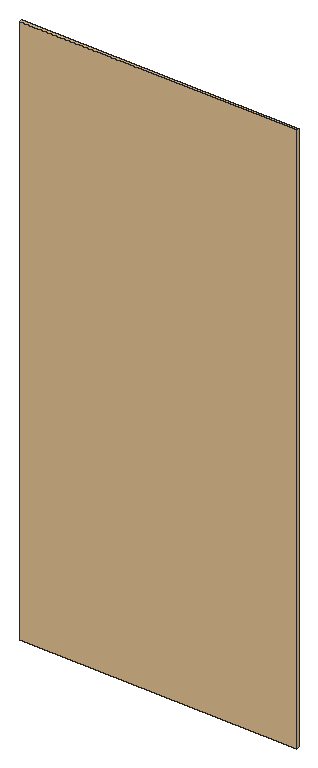
Revit family "Feature Blackbutt Veneer Honeycomb", category Generic Models, Revit 2017 (continued)
Automatic sketch dimensions
  level to curve 520 = 123.626 mm
  curve 519 to curve 520 = 41.559 mm
  curve 501 to curve 571 = 41.559 mm
  curve 515 to curve 516 = 41.559 mm
  curve 499 to curve 570 = 41.559 mm
  curve 509 to curve 575 = 41.559 mm
  curve 497 to curve 569 = 41.559 mm
  curve 495 to curve 568 = 41.559 mm
  curve 493 to curve 567 = 41.559 mm
  curve 491 to curve 566 = 41.559 mm
  curve 507 to curve 508 = 41.559 mm
  plane 4 "Panel_top" to curve 484 = 51.176 mm
  curve 484 to curve 484 = 34.403 mm
  curve 513 to curve 512 = 41.559 mm
  curve 515 to curve 514 = 41.559 mm
  curve 519 to curve 518 = 41.559 mm
  curve 488 to curve 564 = 58.434 mm
  curve 516 to curve 528 = 58.434 mm
  curve 490 to curve 554 = 58.435 mm
  curve 492 to curve 552 = 58.434 mm
  curve 518 to curve 527 = 58.433 mm
  curve 498 to curve 569 = 58.434 mm
  curve 502 to curve 571 = 58.434 mm
  level to curve 525 = 123.626 mm
  curve 520 to curve 525 = 58.434 mm
  curve 510 to curve 534 = 58.434 mm
  curve 514 to curve 530 = 58.433 mm
  curve 500 to curve 570 = 58.434 mm
  curve 494 to curve 551 = 58.434 mm
  curve 504 to curve 572 = 58.434 mm
  curve 508 to curve 536 = 58.434 mm
  curve 506 to curve 573 = 58.434 mm
  curve 496 to curve 568 = 58.434 mm
  curve 512 to curve 532 = 58.433 mm
  curve 486 to curve 558 = 58.435 mm
  plane 4 "Panel_top" to curve 560 = 51.176 mm
  curve 484 to curve 560 = 58.433 mm
  curve 560 to curve 561 = 34.408 mm
  curve 558 to curve 558 = 41.558 mm
  curve 550 to curve 470 = 41.559 mm
  curve 528 to curve 481 = 41.559 mm
  curve 544 to curve 544 = 41.559 mm
  curve 530 to curve 532 = 41.559 mm
  curve 532 to curve 533 = 41.559 mm
  curve 534 to curve 535 = 41.559 mm
  curve 536 to curve 537 = 41.559 mm
  curve 538 to curve 539 = 41.559 mm
  curve 540 to curve 541 = 41.559 mm
  curve 528 to curve 530 = 41.559 mm
  curve 546 to curve 547 = 41.559 mm
  curve 554 to curve 555 = 41.559 mm
  plane 4 "Panel_top" to curve 559 = 112.988 mm
  curve 558 to curve 559 = 41.559 mm
  level to curve 523 = 61.815 mm
  curve 524 to curve 523 = 41.56 mm
  curve 546 to curve 472 = 41.56 mm
  curve 552 to curve 551 = 41.56 mm
  curve 526 to curve 482 = 41.56 mm
  curve 554 to curve 553 = 41.561 mm
  level to curve 418 = 61.814 mm
  curve 483 to curve 418 = 58.431 mm
  curve 473 to curve 473 = 58.433 mm
  curve 472 to curve 472 = 58.431 mm
  curve 539 to curve 475 = 58.432 mm
  curve 547 to curve 471 = 58.432 mm
  curve 537 to curve 476 = 58.432 mm
  curve 470 to curve 470 = 58.433 mm
  curve 482 to curve 482 = 58.431 mm
  curve 469 to curve 469 = 58.431 mm
  curve 468 to curve 468 = 58.431 mm
  curve 481 to curve 481 = 58.433 mm
  curve 533 to curve 478 = 58.432 mm
  curve 559 to curve 465 = 58.432 mm
  curve 541 to curve 474 = 58.432 mm
  curve 529 to curve 412 = 58.432 mm
  curve 466 to curve 372 = 58.434 mm
  curve 555 to curve 374 = 58.432 mm
  curve 531 to curve 410 = 58.432 mm
  curve 535 to curve 405 = 58.432 mm
  curve 561 to curve 368 = 72.734 mm
  curve 380 to curve 391 = 41.559 mm
  curve 415 to curve 464 = 41.559 mm
  curve 396 to curve 397 = 41.559 mm
  curve 411 to curve 412 = 41.559 mm
  plane 4 "Panel_top" to curve 368 = 51.176 mm
  curve 368 to curve 368 = 34.408 mm
  curve 413 to curve 414 = 41.559 mm
  curve 409 to curve 410 = 41.559 mm
  curve 384 to curve 393 = 41.559 mm
  curve 384 to curve 384 = 41.559 mm
  curve 396 to curve 395 = 41.559 mm
  plane 4 "Panel_top" to curve 371 = 174.799 mm
  curve 372 to curve 371 = 41.559 mm
  curve 398 to curve 402 = 41.559 mm
  curve 380 to curve 380 = 41.559 mm
  curve 374 to curve 373 = 41.559 mm
  curve 405 to curve 404 = 41.559 mm
  curve 407 to curve 406 = 41.559 mm
  curve 409 to curve 408 = 41.559 mm
  curve 376 to curve 375 = 41.559 mm
  curve 469 to curve 378 = 41.559 mm
  curve 373 to curve 387 = 58.433 mm
  curve 395 to curve 438 = 58.433 mm
  curve 381 to curve 444 = 58.434 mm
  curve 397 to curve 437 = 58.434 mm
  plane 4 "Panel_top" to curve 456 = 51.176 mm
  curve 368 to curve 456 = 58.434 mm
  curve 406 to curve 459 = 58.433 mm
  level to curve 420 = 123.624 mm
  curve 416 to curve 420 = 58.434 mm
  curve 379 to curve 446 = 58.433 mm
  level to curve 422 = 247.246 mm
  curve 414 to curve 422 = 58.434 mm
  curve 412 to curve 424 = 58.434 mm
  curve 408 to curve 460 = 58.433 mm
  curve 402 to curve 402 = 58.433 mm
  curve 377 to curve 448 = 58.433 mm
  curve 383 to curve 443 = 58.433 mm
  curve 410 to curve 427 = 58.434 mm
  curve 375 to curve 450 = 58.433 mm
  curve 404 to curve 432 = 58.433 mm
  curve 393 to curve 393 = 58.433 mm
  plane 4 "Panel_top" to curve 455 = 174.799 mm
  curve 371 to curve 455 = 58.434 mm
  curve 369 to curve 457 = 34.409 mm
  plane 4 "Panel_top" to curve 454 = 236.609 mm
  curve 386 to curve 454 = 41.558 mm
  curve 450 to curve 450 = 41.558 mm
  curve 390 to curve 354 = 41.559 mm
  curve 393 to curve 357 = 41.559 mm
  plane 4 "Panel_top" to curve 456 = 112.987 mm
  curve 369 to curve 456 = 41.559 mm
  curve 392 to curve 444 = 41.559 mm
  curve 450 to curve 451 = 41.559 mm
  curve 401 to curve 438 = 41.559 mm
  curve 422 to curve 423 = 41.559 mm
  curve 428 to curve 429 = 41.559 mm
  curve 430 to curve 431 = 41.559 mm
  curve 432 to curve 433 = 41.559 mm
  curve 402 to curve 435 = 41.559 mm
  curve 426 to curve 425 = 41.56 mm
  level to curve 419 = 61.814 mm
  curve 420 to curve 419 = 41.56 mm
  level to curve 421 = 185.436 mm
  curve 422 to curve 421 = 41.56 mm
  curve 392 to curve 441 = 41.56 mm
  curve 389 to curve 353 = 41.56 mm
  curve 428 to curve 363 = 41.56 mm
  level to curve 322 = 61.814 mm
  curve 367 to curve 322 = 58.431 mm
  curve 433 to curve 360 = 58.432 mm
  plane 4 "Panel_top" to curve 287 = 112.987 mm
  curve 349 to curve 287 = 58.433 mm
  curve 429 to curve 362 = 58.432 mm
  plane 4 "Panel_top" to curve 288 = 236.611 mm
  curve 350 to curve 288 = 58.434 mm
  curve 363 to curve 363 = 58.431 mm
  curve 435 to curve 359 = 58.432 mm
  curve 437 to curve 358 = 58.432 mm
  curve 423 to curve 365 = 58.432 mm
  curve 366 to curve 366 = 58.431 mm
  curve 357 to curve 357 = 58.433 mm
  curve 356 to curve 356 = 58.431 mm
  curve 451 to curve 290 = 58.432 mm
  curve 443 to curve 355 = 58.432 mm
  curve 352 to curve 293 = 58.434 mm
  curve 354 to curve 354 = 58.433 mm
  curve 353 to curve 294 = 58.431 mm
  curve 431 to curve 310 = 58.432 mm
  curve 364 to curve 316 = 58.432 mm
  curve 457 to curve 285 = 72.733 mm
  curve 290 to curve 333 = 41.558 mm
  curve 288 to curve 332 = 41.558 mm
  curve 310 to curve 343 = 41.559 mm
  curve 294 to curve 295 = 41.559 mm
  curve 304 to curve 340 = 41.559 mm
  curve 296 to curve 297 = 41.559 mm
  curve 302 to curve 339 = 41.559 mm
  curve 316 to curve 346 = 41.559 mm
  curve 300 to curve 301 = 41.559 mm
  plane 4 "Panel_top" to curve 285 = 51.176 mm
  curve 285 to curve 285 = 34.409 mm
  curve 314 to curve 314 = 41.559 mm
  curve 316 to curve 315 = 41.559 mm
  curve 310 to curve 310 = 41.559 mm
  curve 308 to curve 308 = 41.559 mm
  plane 4 "Panel_top" to curve 287 = 174.8 mm
  curve 288 to curve 287 = 41.559 mm
  level to curve 319 = 247.246 mm
  curve 320 to curve 319 = 41.559 mm
  level to curve 321 = 123.623 mm
  curve 322 to curve 321 = 41.56 mm
  curve 300 to curve 300 = 41.559 mm
  curve 294 to curve 294 = 41.559 mm
  curve 307 to curve 341 = 58.433 mm
  level to curve 327 = 247.246 mm
  curve 319 to curve 327 = 58.433 mm
  curve 311 to curve 343 = 58.434 mm
  curve 305 to curve 340 = 58.434 mm
  curve 313 to curve 344 = 58.433 mm
  curve 303 to curve 339 = 58.434 mm
  curve 291 to curve 242 = 58.435 mm
  plane 4 "Panel_top" to curve 235 = 174.8 mm
  curve 287 to curve 235 = 58.433 mm
  curve 301 to curve 338 = 58.434 mm
  plane 4 "Panel_top" to curve 234 = 51.176 mm
  curve 285 to curve 234 = 58.434 mm
  plane 4 "Panel_top" to curve 238 = 298.422 mm
  curve 289 to curve 238 = 58.435 mm
  curve 299 to curve 337 = 58.433 mm
  curve 317 to curve 346 = 58.434 mm
  level to curve 325 = 123.623 mm
  curve 321 to curve 325 = 58.433 mm
  curve 297 to curve 336 = 58.434 mm
  curve 295 to curve 335 = 58.434 mm
  curve 293 to curve 334 = 58.433 mm
  curve 315 to curve 278 = 58.433 mm
  curve 309 to curve 263 = 58.433 mm
  curve 233 to curve 233 = 34.409 mm
  curve 275 to curve 281 = 41.559 mm
  curve 253 to curve 254 = 41.559 mm
  curve 251 to curve 252 = 41.559 mm
  curve 263 to curve 264 = 41.559 mm
  level to curve 328 = 309.058 mm
  curve 279 to curve 328 = 41.559 mm
  plane 4 "Panel_top" to curve 236 = 236.611 mm
  curve 237 to curve 236 = 41.559 mm
  curve 263 to curve 263 = 41.559 mm
  plane 4 "Panel_top" to curve 235 = 112.989 mm
  curve 235 to curve 235 = 41.559 mm
  curve 261 to curve 261 = 41.559 mm
  curve 265 to curve 274 = 41.559 mm
  curve 259 to curve 259 = 41.559 mm
  curve 257 to curve 257 = 41.559 mm
  curve 279 to curve 278 = 41.559 mm
  curve 246 to curve 251 = 41.559 mm
  curve 237 to curve 241 = 41.559 mm
  curve 246 to curve 246 = 41.559 mm
  curve 244 to curve 243 = 41.559 mm
  curve 327 to curve 283 = 41.56 mm
  curve 325 to curve 284 = 41.56 mm
  level to curve 173 = 61.813 mm
  curve 284 to curve 173 = 58.431 mm
  curve 245 to curve 249 = 58.432 mm
  curve 250 to curve 147 = 58.432 mm
  curve 234 to curve 239 = 58.432 mm
  curve 276 to curve 281 = 58.433 mm
  curve 243 to curve 248 = 58.432 mm
  curve 274 to curve 274 = 58.432 mm
  curve 262 to curve 272 = 58.432 mm
  curve 252 to curve 267 = 58.433 mm
  curve 254 to curve 268 = 58.433 mm
  curve 260 to curve 271 = 58.432 mm
  curve 256 to curve 269 = 58.432 mm
  curve 328 to curve 329 = 58.432 mm
  curve 258 to curve 270 = 58.432 mm
  curve 283 to curve 283 = 58.431 mm
  curve 264 to curve 161 = 58.433 mm
  plane 4 "Panel_top" to curve 141 = 360.233 mm
  curve 241 to curve 141 = 58.432 mm
  curve 278 to curve 167 = 58.432 mm
  curve 236 to curve 240 = 58.433 mm
  curve 233 to curve 136 = 72.732 mm
  curve 149 to curve 150 = 41.559 mm
  curve 143 to curve 144 = 41.559 mm
  level to curve 168 = 370.869 mm
  curve 167 to curve 168 = 41.559 mm
  curve 155 to curve 224 = 41.559 mm
  curve 161 to curve 227 = 41.559 mm
  curve 159 to curve 158 = 41.559 mm
  plane 4 "Panel_top" to curve 140 = 298.423 mm
  curve 141 to curve 140 = 41.559 mm
  curve 161 to curve 160 = 41.559 mm
  plane 4 "Panel_top" to curve 138 = 174.8 mm
  curve 139 to curve 138 = 41.559 mm
  plane 4 "Panel_top" to curve 142 = 422.045 mm
  curve 143 to curve 142 = 41.559 mm
  curve 165 to curve 164 = 41.559 mm
  curve 167 to curve 166 = 41.559 mm
  plane 4 "Panel_top" to curve 137 = 51.178 mm
  curve 136 to curve 137 = 34.41 mm
  level to curve 170 = 247.245 mm
  curve 171 to curve 170 = 41.559 mm
  curve 147 to curve 146 = 41.559 mm
  level to curve 172 = 123.623 mm
  curve 173 to curve 172 = 41.56 mm
  curve 149 to curve 148 = 41.559 mm
  curve 155 to curve 155 = 41.559 mm
  curve 153 to curve 153 = 41.559 mm
  curve 162 to curve 187 = 58.434 mm
  level to curve 181 = 370.869 mm
  curve 168 to curve 181 = 58.434 mm
  curve 144 to curve 218 = 58.434 mm
  curve 146 to curve 219 = 58.433 mm
  level to curve 179 = 247.245 mm
  curve 170 to curve 179 = 58.433 mm
  curve 166 to curve 182 = 58.433 mm
  level to curve 177 = 123.623 mm
  curve 172 to curve 177 = 58.433 mm
  curve 148 to curve 220 = 58.433 mm
  curve 158 to curve 190 = 58.433 mm
  curve 164 to curve 185 = 58.433 mm
  curve 156 to curve 192 = 58.434 mm
  curve 152 to curve 222 = 58.433 mm
  curve 136 to curve 214 = 58.433 mm
  curve 154 to curve 194 = 58.433 mm
  curve 150 to curve 198 = 58.434 mm
  plane 4 "Panel_top" to curve 211 = 174.8 mm
  curve 138 to curve 211 = 58.433 mm
  plane 4 "Panel_top" to curve 209 = 298.423 mm
  curve 140 to curve 209 = 58.433 mm
  plane 4 "Panel_top" to curve 206 = 422.045 mm
  curve 142 to curve 206 = 58.433 mm
  curve 160 to curve 226 = 58.434 mm
  curve 212 to curve 213 = 34.41 mm
  curve 202 to curve 202 = 41.559 mm
  level to curve 180 = 309.057 mm
  curve 180 to curve 180 = 41.559 mm
  curve 194 to curve 194 = 41.559 mm
  curve 188 to curve 188 = 41.559 mm
  curve 182 to curve 184 = 41.559 mm
  curve 188 to curve 189 = 41.559 mm
  curve 194 to curve 195 = 41.559 mm
  curve 196 to curve 198 = 41.559 mm
  curve 198 to curve 199 = 41.559 mm
  curve 202 to curve 203 = 41.559 mm
  plane 4 "Panel_top" to curve 207 = 360.234 mm
  curve 206 to curve 207 = 41.559 mm
  plane 4 "Panel_top" to curve 209 = 236.612 mm
  curve 208 to curve 209 = 41.559 mm
  plane 4 "Panel_top" to curve 211 = 112.99 mm
  curve 210 to curve 211 = 41.559 mm
  level to curve 178 = 185.434 mm
  curve 176 to curve 178 = 41.559 mm
  level to curve 176 = 61.811 mm
  curve 176 to curve 176 = 41.559 mm
  curve 182 to curve 132 = 41.56 mm
  curve 186 to curve 130 = 41.56 mm
  curve 192 to curve 191 = 41.56 mm
  curve 206 to curve 120 = 41.561 mm
  level to curve 79 = 61.812 mm
  curve 175 to curve 79 = 58.432 mm
  curve 195 to curve 125 = 58.432 mm
  curve 126 to curve 126 = 58.433 mm
  curve 197 to curve 124 = 58.432 mm
  curve 127 to curve 127 = 58.431 mm
  curve 199 to curve 123 = 58.432 mm
  curve 189 to curve 128 = 58.432 mm
  curve 122 to curve 122 = 58.433 mm
  curve 203 to curve 121 = 58.432 mm
  curve 130 to curve 130 = 58.431 mm
  curve 120 to curve 120 = 58.431 mm
  curve 183 to curve 131 = 58.432 mm
  curve 133 to curve 133 = 58.433 mm
  curve 211 to curve 117 = 58.432 mm
  curve 177 to curve 134 = 58.432 mm
  plane 4 "Panel_top" to curve 113 = 236.612 mm
  curve 209 to curve 113 = 58.432 mm
  level to curve 84 = 432.678 mm
  curve 132 to curve 84 = 58.432 mm
  plane 4 "Panel_top" to curve 111 = 360.234 mm
  curve 207 to curve 111 = 58.432 mm
  curve 129 to curve 90 = 58.433 mm
  curve 213 to curve 116 = 72.731 mm
  curve 94 to curve 24 = 41.559 mm
  curve 88 to curve 30 = 41.559 mm
  curve 80 to curve 38 = 41.559 mm
  level to curve 82 = 247.246 mm
  curve 82 to curve 82 = 41.559 mm
  curve 100 to curve 102 = 41.559 mm
  curve 102 to curve 103 = 41.559 mm
  curve 90 to curve 92 = 41.559 mm
  curve 104 to curve 105 = 41.559 mm
  curve 106 to curve 107 = 41.559 mm
  plane 4 "Panel_top" to curve 109 = 422.045 mm
  curve 108 to curve 109 = 41.559 mm
  level to curve 86 = 494.489 mm
  curve 84 to curve 86 = 41.559 mm
  plane 4 "Panel_top" to curve 111 = 298.423 mm
  curve 110 to curve 111 = 41.559 mm
  plane 4 "Panel_top" to curve 113 = 174.801 mm
  curve 112 to curve 113 = 41.559 mm
  plane 4 "Panel_top" to curve 115 = 51.179 mm
  curve 116 to curve 115 = 34.411 mm
  curve 96 to curve 98 = 41.559 mm
  curve 96 to curve 22 = 41.56 mm
  curve 90 to curve 28 = 41.56 mm
  curve 84 to curve 34 = 41.56 mm
  curve 100 to curve 18 = 41.56 mm
  curve 85 to curve 32 = 58.432 mm
  curve 91 to curve 26 = 58.432 mm
  curve 28 to curve 66 = 58.431 mm
  curve 18 to curve 18 = 58.431 mm
  curve 101 to curve 16 = 58.432 mm
  curve 107 to curve 10 = 58.432 mm
  curve 97 to curve 20 = 58.432 mm
  curve 24 to curve 62 = 58.433 mm
  curve 30 to curve 67 = 58.433 mm
  curve 22 to curve 22 = 58.431 mm
  curve 105 to curve 12 = 58.432 mm
  curve 115 to curve 2 = 58.432 mm
  curve 103 to curve 14 = 58.432 mm
  level to curve 76 = 123.622 mm
  curve 38 to curve 76 = 58.433 mm
  level to curve 71 = 370.867 mm
  curve 34 to curve 71 = 58.431 mm
  plane 4 "Panel_top" to curve 46 = 422.045 mm
  curve 109 to curve 46 = 58.432 mm
  level to curve 74 = 247.246 mm
  curve 36 to curve 74 = 58.433 mm
  plane 4 "Panel_top" to curve 42 = 174.801 mm
  curve 113 to curve 42 = 58.432 mm
  curve 111 to curve 6 = 58.433 mm
  curve 2 to curve 39 = 34.411 mm
  plane 4 "Panel_top" to curve 44 = 360.233 mm
  curve 6 to curve 44 = 41.559 mm
  plane 4 "Panel_top" to curve 42 = 236.611 mm
  curve 41 to curve 42 = 41.559 mm
  level to curve 73 = 309.056 mm
  curve 34 to curve 73 = 41.559 mm
  level to curve 35 = 185.434 mm  (x2)
  curve 36 to curve 35 = 41.559 mm
  plane 4 "Panel_top" to curve 46 = 483.856 mm
  curve 45 to curve 46 = 41.559 mm
  plane 4 "Panel_top" to curve 41 = 112.99 mm
  curve 2 to curve 41 = 41.559 mm
  curve 10 to curve 48 = 41.559 mm
  curve 12 to curve 50 = 41.559 mm
  level to curve 29 = 556.3 mm  (x2)
  curve 30 to curve 29 = 41.559 mm
  curve 14 to curve 52 = 41.559 mm
  curve 28 to curve 27 = 41.559 mm
  curve 16 to curve 54 = 41.559 mm
  curve 18 to curve 56 = 41.559 mm
  curve 20 to curve 58 = 41.559 mm
  curve 24 to curve 23 = 41.559 mm
  curve 22 to curve 60 = 41.559 mm
  curve 26 to curve 64 = 41.56 mm
  level to curve 70 = 432.678 mm
  curve 32 to curve 70 = 41.56 mm
  level to curve 76 = 61.811 mm
  curve 38 to curve 76 = 41.56 mm
  curve 173 to curve 324 = 0.001 mm
  level to curve 637 = 61.815 mm
  curve 38 to curve 38 = 0 mm
  curve 599 to curve 640 = 61.81 mm
  curve 420 to curve 464 = 0 mm
  curve 640 to curve 636 = 0 mm
  curve 81 to curve 177 = 0 mm
  curve 171 to curve 170 = 61.811 mm
  curve 320 to curve 366 = 0 mm
  curve 416 to curve 415 = 61.81 mm
  curve 171 to curve 326 = 0 mm
  curve 640 to curve 642 = 61.811 mm
  curve 598 to curve 641 = 0 mm  (x2)
  curve 636 to curve 636 = 61.81 mm
  curve 415 to curve 482 = 0 mm
  curve 482 to curve 526 = 61.81 mm
  curve 519 to curve 526 = 0 mm
  curve 641 to curve 695 = 61.811 mm
  curve 422 to curve 463 = 0 mm
  curve 642 to curve 695 = 0 mm
  curve 133 to curve 133 = 0 mm
  curve 329 to curve 328 = 0 mm
  curve 422 to curve 424 = 61.811 mm
  curve 319 to curve 423 = 0 mm
  curve 414 to curve 414 = 61.81 mm
  curve 518 to curve 517 = 61.811 mm
  curve 643 to curve 517 = 0 mm
  curve 634 to curve 633 = 61.81 mm
  curve 413 to curve 481 = 0 mm
  curve 328 to curve 279 = 61.81 mm
  curve 34 to curve 83 = 0 mm
  curve 423 to curve 462 = 61.811 mm
  curve 481 to curve 578 = 61.81 mm
  curve 279 to curve 317 = 0 mm
  curve 643 to curve 645 = 61.811 mm
  curve 424 to curve 462 = 0 mm
  curve 528 to curve 578 = 0 mm
  curve 644 to curve 694 = 0 mm
  curve 168 to curve 167 = 61.81 mm
  curve 279 to curve 167 = 0 mm
  curve 84 to curve 181 = 0.001 mm
  curve 317 to curve 317 = 61.81 mm
  curve 412 to curve 412 = 61.81 mm
  curve 529 to curve 411 = 0 mm
  curve 316 to curve 425 = 0.001 mm
  curve 516 to curve 516 = 61.81 mm
  curve 632 to curve 631 = 61.809 mm
  curve 515 to curve 645 = 0.001 mm
  curve 32 to curve 85 = 0.001 mm  (x2)
  curve 132 to curve 182 = 61.811 mm
  curve 167 to curve 182 = 0 mm
  curve 278 to curve 277 = 61.811 mm
  curve 316 to curve 277 = 0 mm
  curve 364 to curve 426 = 61.811 mm
  curve 515 to curve 514 = 61.811 mm
  curve 530 to curve 514 = 0 mm
  curve 426 to curve 461 = 0.001 mm  (x2)
  curve 596 to curve 647 = 61.811 mm
  curve 646 to curve 693 = 0.001 mm  (x2)
  curve 85 to curve 87 = 61.811 mm
  curve 184 to curve 86 = 0 mm
  curve 166 to curve 281 = 61.811 mm
  curve 315 to curve 314 = 61.811 mm
  curve 530 to curve 531 = 61.811 mm
  curve 479 to curve 531 = 0 mm  (x2)
  curve 165 to curve 276 = 0 mm
  curve 514 to curve 514 = 61.811 mm
  curve 648 to curve 513 = 0 mm
  curve 314 to curve 427 = 0 mm
  curve 630 to curve 630 = 61.811 mm
  curve 29 to curve 30 = 61.811 mm
  curve 165 to curve 164 = 61.811 mm
  curve 184 to curve 164 = 0 mm
  curve 314 to curve 314 = 61.811 mm
  curve 276 to curve 313 = 0 mm
  curve 30 to curve 30 = 0 mm
  curve 363 to curve 429 = 61.81 mm
  curve 409 to curve 428 = 0 mm
  curve 531 to curve 576 = 61.811 mm
  curve 513 to curve 532 = 0 mm
  curve 647 to curve 692 = 61.811 mm
  curve 648 to curve 692 = 0 mm
  curve 30 to curve 130 = 61.81 mm
  curve 30 to curve 27 = 61.811 mm
  curve 164 to curve 164 = 61.811 mm
  curve 428 to curve 430 = 61.811 mm
  curve 313 to curve 429 = 0 mm
  curve 88 to curve 130 = 0 mm
  curve 532 to curve 534 = 61.811 mm
  curve 408 to curve 533 = 0 mm
  curve 163 to curve 274 = 0 mm
  curve 512 to curve 511 = 61.811 mm
  curve 628 to curve 710 = 61.81 mm
  curve 511 to curve 594 = 0 mm
  curve 27 to curve 65 = 61.811 mm
  curve 130 to curve 187 = 61.81 mm
  curve 274 to curve 343 = 61.81 mm
  curve 28 to curve 89 = 0 mm
  curve 429 to curve 459 = 61.811 mm
  curve 407 to curve 430 = 0 mm
  curve 186 to curve 227 = 0 mm
  curve 533 to curve 535 = 61.811 mm
  curve 265 to curve 343 = 0 mm
  curve 594 to curve 691 = 61.81 mm
  curve 534 to curve 510 = 0 mm
  curve 650 to curve 626 = 0 mm
  curve 28 to curve 65 = 61.811 mm
  curve 28 to curve 90 = 61.81 mm
  curve 162 to curve 161 = 61.81 mm
  curve 90 to curve 188 = 0.001 mm
  curve 430 to curve 431 = 61.811 mm
  curve 310 to curve 431 = 0 mm
  curve 161 to curve 273 = 0.001 mm  (x2)
  curve 406 to curve 405 = 61.811 mm
  curve 535 to curve 405 = 0 mm
  curve 650 to curve 652 = 61.811 mm
  curve 509 to curve 651 = 0 mm
  curve 626 to curve 709 = 61.809 mm
  curve 64 to curve 63 = 61.81 mm
  curve 26 to curve 92 = 0.001 mm
  curve 129 to curve 226 = 61.81 mm
  curve 188 to curve 160 = 0.001 mm
  curve 264 to curve 264 = 61.811 mm
  curve 309 to curve 263 = 0 mm
  curve 405 to curve 405 = 61.811 mm
  curve 433 to curve 404 = 0 mm
  curve 535 to curve 537 = 61.811 mm
  curve 651 to curve 653 = 61.811 mm
  curve 536 to curve 574 = 0.001 mm  (x2)
  curve 652 to curve 624 = 0.001 mm
  curve 26 to curve 23 = 61.812 mm
  curve 188 to curve 189 = 61.811 mm
  curve 93 to curve 189 = 0 mm
  curve 160 to curve 160 = 61.811 mm
  curve 263 to curve 159 = 0 mm
  curve 309 to curve 360 = 61.811 mm
  curve 433 to curve 308 = 0 mm
  curve 536 to curve 537 = 61.811 mm
  curve 404 to curve 537 = 0 mm
  curve 508 to curve 507 = 61.811 mm
  curve 624 to curve 623 = 61.811 mm
  curve 507 to curve 654 = 0 mm
  curve 23 to curve 24 = 61.811 mm
  curve 159 to curve 158 = 61.811 mm
  curve 191 to curve 158 = 0 mm
  curve 262 to curve 341 = 61.811 mm
  curve 307 to curve 261 = 0 mm
  curve 24 to curve 94 = 0 mm
  curve 433 to curve 402 = 61.811 mm
  curve 537 to curve 539 = 61.811 mm
  curve 592 to curve 654 = 61.81 mm
  curve 402 to curve 403 = 0 mm
  curve 538 to curve 573 = 0 mm
  curve 654 to curve 689 = 0 mm
  curve 24 to curve 61 = 61.811 mm
  curve 24 to curve 95 = 61.81 mm
  curve 158 to curve 271 = 61.811 mm
  curve 261 to curve 157 = 0 mm
  curve 307 to curve 359 = 61.811 mm
  curve 435 to curve 306 = 0 mm
  curve 94 to curve 191 = 0 mm
  curve 402 to curve 399 = 61.81 mm
  curve 540 to curve 398 = 0 mm
  curve 506 to curve 591 = 61.81 mm
  curve 622 to curve 621 = 61.81 mm
  curve 505 to curve 655 = 0 mm
  curve 21 to curve 59 = 61.811 mm
  curve 127 to curve 193 = 61.81 mm
  curve 260 to curve 259 = 61.811 mm
  curve 22 to curve 95 = 0 mm
  curve 435 to curve 437 = 61.811 mm
  curve 192 to curve 224 = 0 mm
  curve 539 to curve 572 = 61.811 mm
  curve 259 to curve 305 = 0 mm
  curve 591 to curve 688 = 61.81 mm
  curve 401 to curve 397 = 0 mm
  curve 540 to curve 504 = 0 mm
  curve 656 to curve 620 = 0 mm
  curve 22 to curve 19 = 61.811 mm
  curve 22 to curve 97 = 61.81 mm
  curve 156 to curve 270 = 61.81 mm
  curve 258 to curve 155 = 0 mm
  curve 305 to curve 304 = 61.81 mm
  curve 437 to curve 304 = 0 mm
  curve 96 to curve 194 = 0 mm
  curve 540 to curve 542 = 61.811 mm
  curve 397 to curve 541 = 0 mm
  curve 504 to curve 590 = 61.81 mm
  curve 620 to curve 620 = 61.81 mm
  curve 503 to curve 658 = 0 mm
  curve 96 to curve 98 = 61.811 mm
  curve 58 to curve 97 = 0 mm
  curve 126 to curve 194 = 61.81 mm
  curve 154 to curve 194 = 0 mm
  curve 258 to curve 258 = 61.811 mm
  curve 396 to curve 396 = 61.811 mm
  curve 439 to curve 395 = 0 mm
  curve 541 to curve 571 = 61.811 mm
  curve 257 to curve 303 = 0 mm
  curve 590 to curve 687 = 61.81 mm
  curve 542 to curve 571 = 0 mm
  curve 658 to curve 618 = 0 mm
  curve 97 to curve 99 = 61.811 mm
  curve 20 to curve 17 = 61.811 mm
  curve 196 to curve 98 = 0 mm
  curve 257 to curve 256 = 61.811 mm
  curve 269 to curve 256 = 0 mm  (x2)
  curve 303 to curve 357 = 61.81 mm
  curve 395 to curve 395 = 61.811 mm
  curve 502 to curve 501 = 61.81 mm
  curve 660 to curve 501 = 0 mm
  curve 302 to curve 440 = 0 mm
  curve 618 to curve 705 = 61.81 mm
  curve 394 to curve 544 = 0 mm
  curve 17 to curve 55 = 61.811 mm
  curve 195 to curve 222 = 61.811 mm
  curve 152 to curve 196 = 0 mm
  curve 256 to curve 338 = 61.811 mm
  curve 18 to curve 18 = 0 mm
  curve 357 to curve 440 = 61.81 mm
  curve 473 to curve 570 = 61.81 mm
  curve 255 to curve 338 = 0 mm
  curve 659 to curve 686 = 61.811 mm
  curve 393 to curve 394 = 0 mm
  curve 544 to curve 570 = 0 mm
  curve 660 to curve 686 = 0 mm
  curve 18 to curve 101 = 61.81 mm
  curve 197 to curve 100 = 0 mm
  curve 18 to curve 54 = 61.811 mm
  curve 152 to curve 268 = 61.811 mm
  curve 301 to curve 300 = 61.81 mm
  curve 393 to curve 385 = 61.81 mm
  curve 151 to curve 268 = 0 mm
  curve 660 to curve 661 = 61.811 mm
  curve 588 to curve 661 = 0 mm  (x2)
  curve 300 to curve 441 = 0 mm
  curve 616 to curve 704 = 61.81 mm
  curve 384 to curve 545 = 0 mm
  curve 15 to curve 16 = 61.811 mm
  curve 102 to curve 16 = 0 mm
  curve 197 to curve 199 = 61.811 mm
  curve 254 to curve 337 = 61.81 mm
  curve 299 to curve 253 = 0 mm
  curve 356 to curve 443 = 61.81 mm
  curve 383 to curve 392 = 0 mm  (x2)
  curve 198 to curve 221 = 0 mm
  curve 472 to curve 547 = 61.81 mm
  curve 661 to curve 663 = 61.811 mm
  curve 546 to curve 498 = 0 mm
  curve 662 to curve 614 = 0 mm
  curve 16 to curve 53 = 61.811 mm
  curve 101 to curve 102 = 61.811 mm
  curve 199 to curve 102 = 0 mm
  curve 150 to curve 150 = 61.81 mm
  curve 392 to curve 444 = 61.811 mm
  curve 355 to curve 443 = 0 mm  (x2)
  curve 546 to curve 547 = 61.811 mm
  curve 471 to curve 547 = 0 mm  (x2)
  curve 149 to curve 252 = 0 mm
  curve 498 to curve 498 = 61.81 mm
  curve 614 to curve 703 = 61.81 mm
  curve 497 to curve 664 = 0 mm
  curve 102 to curve 103 = 61.811 mm
  curve 51 to curve 103 = 0 mm
  curve 199 to curve 201 = 61.811 mm
  curve 148 to curve 200 = 0 mm
  curve 252 to curve 336 = 61.81 mm
  curve 443 to curve 444 = 61.811 mm
  curve 547 to curve 548 = 61.811 mm
  curve 251 to curve 297 = 0 mm
  curve 587 to curve 664 = 61.81 mm
  curve 391 to curve 381 = 0 mm
  curve 548 to curve 568 = 0 mm
  curve 664 to curve 684 = 0 mm
  curve 14 to curve 11 = 61.811 mm
  curve 103 to curve 122 = 61.811 mm
  curve 148 to curve 250 = 61.811 mm
  curve 297 to curve 296 = 61.81 mm
  curve 104 to curve 122 = 0 mm
  curve 381 to curve 381 = 61.81 mm
  curve 147 to curve 251 = 0 mm
  curve 496 to curve 495 = 61.81 mm
  curve 296 to curve 354 = 0 mm
  curve 612 to curve 612 = 61.81 mm
  curve 380 to curve 470 = 0 mm
  curve 495 to curve 666 = 0 mm
  curve 11 to curve 12 = 61.811 mm
  curve 106 to curve 12 = 0 mm
  curve 147 to curve 146 = 61.811 mm
  curve 202 to curve 146 = 0 mm
  curve 250 to curve 335 = 61.81 mm
  curve 354 to curve 390 = 61.81 mm
  curve 380 to curve 390 = 0 mm
  curve 470 to curve 550 = 61.81 mm
  curve 246 to curve 295 = 0 mm
  curve 586 to curve 666 = 61.81 mm
  curve 550 to curve 567 = 0 mm
  curve 666 to curve 683 = 0 mm
  curve 12 to curve 49 = 61.811 mm
  curve 105 to curve 106 = 61.811 mm
  curve 204 to curve 106 = 0 mm
  curve 146 to curve 146 = 61.811 mm
  curve 246 to curve 145 = 0 mm
  curve 295 to curve 295 = 61.81 mm
  curve 379 to curve 378 = 61.811 mm
  curve 494 to curve 585 = 61.81 mm
  curve 294 to curve 447 = 0 mm
  curve 610 to curve 610 = 61.81 mm
  curve 378 to curve 551 = 0 mm
  curve 493 to curve 585 = 0 mm
  curve 106 to curve 108 = 61.811 mm
  curve 47 to curve 107 = 0 mm
  curve 203 to curve 205 = 61.811 mm
  curve 294 to curve 293 = 61.811 mm
  curve 334 to curve 293 = 0 mm  (x2)
  curve 353 to curve 448 = 61.81 mm
  curve 377 to curve 389 = 0 mm  (x2)
  curve 204 to curve 144 = 0 mm
  curve 469 to curve 566 = 61.81 mm
  curve 585 to curve 669 = 61.81 mm
  curve 552 to curve 492 = 0 mm
  curve 668 to curve 682 = 0 mm
  curve 108 to curve 109 = 61.81 mm
  curve 244 to curve 244 = 61.81 mm
  curve 243 to curve 248 = 0.001 mm  (x2)
  curve 293 to curve 292 = 61.811 mm
  curve 108 to curve 120 = 0 mm
  curve 377 to curve 468 = 61.811 mm
  curve 492 to curve 584 = 61.81 mm
  curve 292 to curve 352 = 0 mm
  curve 608 to curve 700 = 61.81 mm
  curve 376 to curve 553 = 0 mm
  curve 491 to curve 584 = 0 mm
  curve 243 to curve 243 = 61.811 mm
  curve 376 to curve 376 = 61.81 mm
  curve 451 to curve 375 = 0 mm
  curve 468 to curve 555 = 61.809 mm
  curve 584 to curve 670 = 61.809 mm
  curve 242 to curve 333 = 0.002 mm  (x2)
  curve 554 to curve 565 = 0.002 mm  (x2)
  curve 670 to curve 681 = 0.002 mm  (x2)
  curve 450 to curve 451 = 61.811 mm
  curve 290 to curve 451 = 0 mm
  curve 554 to curve 555 = 61.811 mm
  curve 375 to curve 555 = 0 mm
  curve 490 to curve 490 = 61.809 mm
  curve 141 to curve 241 = 0.002 mm  (x2)
  curve 606 to curve 699 = 61.81 mm
  curve 489 to curve 671 = 0.002 mm
  curve 111 to curve 6 = 0.001 mm  (x2)
  curve 374 to curve 373 = 61.811 mm
  curve 373 to curve 387 = 0.001 mm  (x2)
  curve 555 to curve 556 = 61.812 mm
  curve 583 to curve 672 = 61.809 mm
  curve 237 to curve 332 = 0.002 mm  (x2)
  curve 556 to curve 564 = 0 mm
  curve 672 to curve 604 = 0.002 mm
  curve 236 to curve 139 = 0.001 mm
  curve 373 to curve 371 = 61.811 mm
  curve 672 to curve 673 = 61.811 mm
  curve 488 to curve 673 = 0 mm
  curve 604 to curve 603 = 61.81 mm
  curve 372 to curve 466 = 0.002 mm  (x2)
  curve 466 to curve 559 = 61.809 mm
  curve 673 to curve 675 = 61.811 mm
  curve 558 to curve 486 = 0.002 mm
  curve 674 to curve 679 = 0.002 mm  (x2)
  curve 117 to curve 211 = 0 mm  (x2)
  curve 138 to curve 234 = 0 mm
  curve 465 to curve 559 = 0 mm  (x2)
  curve 486 to curve 485 = 61.809 mm
  curve 602 to curve 601 = 61.809 mm
  curve 485 to curve 676 = 0 mm
  plane 4 "Panel_top" to curve 40 = 51.179 mm
  plane 4 "Panel_top" to curve 212 = 51.178 mm
  plane 4 "Panel_top" to curve 600 = 51.176 mm
  plane 3 "Center (Left/Right)" to curve 704 = 0.063 mm
  plane 3 "Center (Left/Right)" to curve 702 = 0.063 mm
  plane 3 "Center (Left/Right)" to curve 707 = 0.063 mm
  plane 3 "Center (Left/Right)" to curve 706 = 0.063 mm
  plane 3 "Center (Left/Right)" to curve 708 = 0.063 mm
  plane 3 "Center (Left/Right)" to curve 701 = 0.063 mm
  plane 3 "Center (Left/Right)" to curve 709 = 0.063 mm
  plane 3 "Center (Left/Right)" to curve 700 = 0.063 mm
  plane 3 "Center (Left/Right)" to curve 710 = 0.063 mm
  plane 3 "Center (Left/Right)" to curve 699 = 0.063 mm
  plane 3 "Center (Left/Right)" to curve 711 = 0.063 mm
  plane 3 "Center (Left/Right)" to curve 698 = 0.063 mm
  plane 3 "Center (Left/Right)" to curve 712 = 0.063 mm
  plane 3 "Center (Left/Right)" to curve 697 = 0.063 mm
  plane 3 "Center (Left/Right)" to curve 713 = 0.063 mm
  plane 3 "Center (Left/Right)" to curve 703 = 0.063 mm
  plane 3 "Center (Left/Right)" to curve 714 = 0.063 mm
  plane 3 "Center (Left/Right)" to curve 705 = 0.063 mm
  plane 3 "Center (Left/Right)" to curve 715 = 0.063 mm
  curve 637 to curve 638 = 0 mm
  curve 625 to curve 626 = 0 mm
  curve 631 to curve 632 = 0 mm
  curve 606 to curve 605 = 0 mm
  curve 604 to curve 603 = 0 mm
  level to curve 638 = 0.004 mm
  plane 3 "Center (Left/Right)" to curve 638 = 70.869 mm
  curve 636 to curve 637 = 0.001 mm
  curve 632 to curve 633 = 0.001 mm
  curve 606 to curve 607 = 0.001 mm
  curve 610 to curve 611 = 0.001 mm
  curve 608 to curve 609 = 0.001 mm
  curve 634 to curve 635 = 0.001 mm
  curve 618 to curve 619 = 0.001 mm
  curve 630 to curve 631 = 0.001 mm
  curve 628 to curve 629 = 0.001 mm
  curve 620 to curve 621 = 0.001 mm
  curve 616 to curve 617 = 0.001 mm
  curve 626 to curve 627 = 0.001 mm
  curve 612 to curve 613 = 0.001 mm
  curve 600 to curve 601 = 0.001 mm
  curve 624 to curve 625 = 0.001 mm
  curve 602 to curve 603 = 0.001 mm
  curve 604 to curve 605 = 0.001 mm
  curve 614 to curve 615 = 0.001 mm
  curve 622 to curve 623 = 0.001 mm
  curve 679 to curve 674 = 0.001 mm
  curve 681 to curve 670 = 0.001 mm
  curve 693 to curve 646 = 0.001 mm
  curve 690 to curve 652 = 0.001 mm
  curve 680 to curve 672 = 0.001 mm
  level to curve 639 = 0.004 mm
  curve 638 to curve 639 = 58.433 mm
  curve 592 to curve 653 = 0.001 mm
  curve 650 to curve 594 = 0.001 mm  (x2)
  curve 656 to curve 591 = 0.001 mm  (x2)
  curve 590 to curve 657 = 0.001 mm
  curve 587 to curve 663 = 0.001 mm
  curve 646 to curve 596 = 0.001 mm  (x2)
  curve 586 to curve 665 = 0.001 mm
  curve 582 to curve 673 = 0 mm
  curve 668 to curve 585 = 0.001 mm  (x2)
  curve 584 to curve 669 = 0.001 mm
  curve 672 to curve 583 = 0.001 mm
  curve 581 to curve 675 = 0.001 mm
  level to curve 640 = 61.814 mm
  curve 640 to curve 599 = 0.001 mm
  curve 589 to curve 659 = 0 mm
  curve 597 to curve 643 = 0 mm
  curve 593 to curve 651 = 0 mm
  curve 595 to curve 647 = 0 mm
  curve 521 to curve 599 = 0 mm
  curve 509 to curve 593 = 0 mm
  curve 583 to curve 489 = 0 mm
  curve 582 to curve 487 = 0 mm
  curve 515 to curve 596 = 0 mm
  level to curve 522 = 0.003 mm
  curve 599 to curve 522 = 41.559 mm
  curve 490 to curve 491 = 0.001 mm
  curve 508 to curve 509 = 0.001 mm
  curve 577 to curve 514 = 0 mm
  curve 492 to curve 493 = 0.001 mm
  curve 506 to curve 507 = 0.001 mm
  curve 510 to curve 511 = 0.001 mm
  curve 576 to curve 512 = 0 mm
  curve 494 to curve 495 = 0.001 mm
  curve 516 to curve 517 = 0.001 mm
  curve 562 to curve 484 = 0 mm
  level to curve 521 = 123.625 mm
  curve 520 to curve 521 = 0.001 mm
  curve 504 to curve 505 = 0.001 mm
  curve 496 to curve 497 = 0.001 mm
  curve 502 to curve 503 = 0.001 mm
  curve 486 to curve 487 = 0.001 mm
  curve 488 to curve 489 = 0.001 mm
  curve 579 to curve 518 = 0 mm
  curve 500 to curve 501 = 0.001 mm
  curve 498 to curve 499 = 0.001 mm
  curve 577 to curve 530 = 0.001 mm  (x2)
  curve 574 to curve 536 = 0.001 mm
  curve 563 to curve 558 = 0.001 mm
  curve 565 to curve 554 = 0.001 mm
  level to curve 523 = 0.003 mm
  curve 522 to curve 523 = 58.433 mm
  curve 556 to curve 557 = 0 mm
  curve 467 to curve 555 = 0 mm
  curve 546 to curve 472 = 0.001 mm  (x2)
  curve 470 to curve 549 = 0.001 mm
  curve 481 to curve 527 = 0.001 mm
  curve 552 to curve 469 = 0.001 mm  (x2)
  curve 554 to curve 468 = 0.001 mm
  curve 466 to curve 557 = 0.001 mm
  curve 526 to curve 482 = 0.001 mm  (x2)
  level to curve 524 = 61.813 mm
  curve 524 to curve 483 = 0.001 mm
  curve 473 to curve 543 = 0.001 mm
  curve 474 to curve 541 = 0 mm
  curve 475 to curve 539 = 0 mm
  curve 476 to curve 537 = 0 mm
  curve 477 to curve 535 = 0 mm
  curve 480 to curve 529 = 0 mm
  curve 478 to curve 533 = 0 mm
  curve 417 to curve 483 = 0 mm
  curve 405 to curve 477 = 0 mm
  curve 467 to curve 374 = 0 mm
  curve 466 to curve 372 = 0 mm
  curve 411 to curve 480 = 0 mm
  level to curve 418 = 0.003 mm
  curve 483 to curve 418 = 41.559 mm
  curve 397 to curve 398 = 0.001 mm
  curve 386 to curve 371 = 0 mm
  curve 387 to curve 373 = 0 mm
  curve 388 to curve 375 = 0 mm
  curve 389 to curve 377 = 0 mm
  curve 390 to curve 379 = 0 mm
  curve 392 to curve 383 = 0 mm
  plane 4 "Panel_top" to curve 370 = 51.176 mm
  curve 368 to curve 370 = 0.001 mm
  curve 460 to curve 408 = 0 mm
  curve 381 to curve 382 = 0.001 mm
  curve 402 to curve 399 = 0 mm
  curve 400 to curve 395 = 0 mm
  curve 459 to curve 406 = 0 mm
  curve 458 to curve 404 = 0 mm
  level to curve 417 = 123.624 mm
  curve 416 to curve 417 = 0.001 mm
  curve 393 to curve 385 = 0 mm
  curve 414 to curve 415 = 0.001 mm
  curve 410 to curve 411 = 0.001 mm
  curve 412 to curve 413 = 0.001 mm
  curve 458 to curve 432 = 0.001 mm  (x2)
  curve 461 to curve 426 = 0.001 mm
  curve 388 to curve 450 = 0.001 mm
  level to curve 419 = 0.003 mm
  curve 418 to curve 419 = 58.433 mm
  plane 4 "Panel_top" to curve 454 = 174.799 mm
  curve 454 to curve 386 = 0 mm
  curve 387 to curve 453 = 0 mm
  curve 442 to curve 356 = 0.001 mm  (x2)
  curve 354 to curve 445 = 0.001 mm
  curve 357 to curve 439 = 0.001 mm
  level to curve 420 = 61.813 mm
  curve 420 to curve 367 = 0.001 mm
  level to curve 422 = 185.435 mm
  curve 422 to curve 366 = 0.001 mm
  curve 448 to curve 353 = 0.001 mm  (x2)
  curve 428 to curve 363 = 0.001 mm  (x2)
  curve 365 to curve 423 = 0 mm
  curve 362 to curve 429 = 0 mm
  curve 361 to curve 431 = 0 mm
  curve 360 to curve 433 = 0 mm
  curve 359 to curve 435 = 0 mm
  curve 358 to curve 437 = 0 mm
  plane 4 "Panel_top" to curve 455 = 112.988 mm
  curve 349 to curve 455 = 0.001 mm
  curve 426 to curve 364 = 0.001 mm  (x2)
  plane 4 "Panel_top" to curve 453 = 236.611 mm
  curve 350 to curve 453 = 0.001 mm
  curve 352 to curve 449 = 0.001 mm
  curve 351 to curve 451 = 0 mm
  level to curve 323 = 61.813 mm
  curve 322 to curve 323 = 0 mm
  curve 310 to curve 361 = 0 mm
  curve 316 to curve 364 = 0 mm
  curve 350 to curve 288 = 0 mm
  curve 351 to curve 290 = 0 mm
  level to curve 323 = 0.002 mm
  curve 322 to curve 323 = 41.56 mm
  curve 331 to curve 287 = 0 mm
  curve 341 to curve 307 = 0 mm
  curve 295 to curve 296 = 0.001 mm
  curve 311 to curve 312 = 0.001 mm
  curve 317 to curve 318 = 0.001 mm
  curve 348 to curve 321 = 0 mm
  plane 4 "Panel_top" to curve 286 = 51.178 mm
  curve 285 to curve 286 = 0.001 mm
  curve 347 to curve 319 = 0 mm
  curve 305 to curve 306 = 0.001 mm
  curve 345 to curve 315 = 0 mm
  curve 303 to curve 304 = 0.001 mm
  plane 4 "Panel_top" to curve 290 = 298.422 mm
  curve 289 to curve 290 = 0.001 mm
  curve 337 to curve 299 = 0 mm
  curve 342 to curve 309 = 0 mm
  curve 301 to curve 302 = 0.001 mm
  curve 344 to curve 313 = 0 mm
  curve 291 to curve 292 = 0.001 mm
  curve 297 to curve 298 = 0.001 mm
  curve 345 to curve 277 = 0.001 mm  (x2)
  curve 333 to curve 242 = 0.001 mm
  curve 331 to curve 235 = 0.001 mm
  curve 332 to curve 237 = 0.001 mm
  curve 342 to curve 263 = 0.001 mm  (x2)
  level to curve 324 = 0.002 mm
  curve 323 to curve 324 = 58.433 mm
  curve 274 to curve 266 = 0 mm
  curve 271 to curve 260 = 0 mm
  level to curve 327 = 185.434 mm
  curve 327 to curve 283 = 0.001 mm
  curve 264 to curve 265 = 0.001 mm
  curve 272 to curve 262 = 0 mm
  curve 276 to curve 277 = 0.001 mm
  curve 254 to curve 255 = 0.001 mm
  level to curve 280 = 309.056 mm
  curve 328 to curve 280 = 0 mm
  level to curve 325 = 61.812 mm
  curve 325 to curve 284 = 0.001 mm
  curve 252 to curve 253 = 0.001 mm
  curve 270 to curve 258 = 0 mm
  plane 4 "Panel_top" to curve 238 = 360.233 mm
  curve 241 to curve 238 = 0 mm
  curve 239 to curve 234 = 0 mm
  curve 249 to curve 245 = 0 mm
  curve 240 to curve 236 = 0 mm
  curve 248 to curve 243 = 0 mm
  curve 250 to curve 247 = 0 mm
  curve 282 to curve 278 = 0 mm
  curve 241 to curve 141 = 0 mm
  curve 167 to curve 282 = 0 mm
  curve 161 to curve 273 = 0 mm
  plane 4 "Panel_top" to curve 140 = 236.611 mm
  curve 140 to curve 139 = 0 mm
  curve 173 to curve 284 = 0 mm
  level to curve 174 = 0.001 mm
  curve 284 to curve 174 = 41.559 mm
  curve 156 to curve 157 = 0.001 mm
  curve 232 to curve 172 = 0 mm
  curve 231 to curve 170 = 0 mm
  curve 229 to curve 166 = 0 mm
  curve 162 to curve 163 = 0.001 mm
  curve 228 to curve 164 = 0 mm
  curve 226 to curve 160 = 0 mm
  curve 225 to curve 158 = 0 mm
  level to curve 169 = 370.867 mm
  curve 168 to curve 169 = 0.001 mm
  curve 144 to curve 145 = 0.001 mm
  curve 223 to curve 154 = 0 mm
  curve 222 to curve 152 = 0 mm
  curve 214 to curve 136 = 0 mm
  curve 220 to curve 148 = 0 mm
  curve 219 to curve 146 = 0 mm
  curve 215 to curve 138 = 0 mm
  curve 216 to curve 140 = 0 mm
  curve 150 to curve 151 = 0.001 mm
  curve 217 to curve 142 = 0 mm
  curve 217 to curve 206 = 0.001 mm
  curve 229 to curve 182 = 0.001 mm  (x2)
  curve 215 to curve 210 = 0.001 mm
  curve 216 to curve 208 = 0.001 mm
  level to curve 175 = 0.001 mm
  curve 174 to curve 175 = 58.433 mm
  curve 189 to curve 188 = 0 mm
  curve 186 to curve 130 = 0.001 mm  (x2)
  curve 129 to curve 187 = 0.001 mm
  curve 123 to curve 199 = 0 mm
  curve 192 to curve 127 = 0.001 mm  (x2)
  curve 126 to curve 193 = 0.001 mm
  level to curve 182 = 432.678 mm
  curve 182 to curve 132 = 0.001 mm
  curve 124 to curve 197 = 0 mm
  curve 122 to curve 201 = 0.001 mm
  level to curve 179 = 309.056 mm
  curve 133 to curve 179 = 0.001 mm
  curve 125 to curve 195 = 0 mm
  plane 4 "Panel_top" to curve 206 = 483.856 mm
  curve 206 to curve 120 = 0.001 mm
  curve 135 to curve 175 = 0 mm
  curve 134 to curve 177 = 0 mm
  curve 128 to curve 189 = 0 mm
  curve 121 to curve 203 = 0 mm
  curve 118 to curve 209 = 0 mm
  curve 131 to curve 183 = 0 mm
  curve 119 to curve 207 = 0 mm
  curve 90 to curve 129 = 0 mm
  curve 119 to curve 110 = 0 mm
  curve 84 to curve 132 = 0 mm
  curve 118 to curve 112 = 0 mm
  curve 78 to curve 135 = 0 mm
  curve 90 to curve 28 = 0.001 mm  (x2)
  curve 10 to curve 107 = 0 mm
  curve 24 to curve 93 = 0.001 mm
  curve 30 to curve 87 = 0.001 mm
  level to curve 84 = 370.867 mm
  curve 84 to curve 34 = 0.001 mm
  curve 20 to curve 97 = 0 mm
  curve 100 to curve 18 = 0.001 mm  (x2)
  level to curve 81 = 247.244 mm
  curve 36 to curve 81 = 0.001 mm
  curve 16 to curve 101 = 0 mm
  level to curve 79 = 123.622 mm
  curve 38 to curve 79 = 0.001 mm
  curve 96 to curve 22 = 0.001 mm  (x2)
  level to curve 78 = 0.001 mm
  curve 135 to curve 78 = 41.559 mm
  curve 8 to curve 109 = 0 mm
  curve 14 to curve 103 = 0 mm
  curve 2 to curve 115 = 0 mm
  curve 26 to curve 91 = 0 mm
  curve 6 to curve 111 = 0 mm
  curve 32 to curve 85 = 0 mm
  curve 4 to curve 113 = 0 mm
  curve 12 to curve 105 = 0 mm
  level to curve 70 = 494.489 mm
  curve 32 to curve 70 = 0 mm
  curve 26 to curve 64 = 0 mm
  curve 78 to curve 77 = 58.432 mm
  curve 8 to curve 45 = 0 mm
  plane 4 "Panel_top" to curve 44 = 298.423 mm
  curve 44 to curve 6 = 0 mm
  curve 4 to curve 41 = 0 mm
  plane 4 "Panel_top" to curve 45 = 360.234 mm
  curve 5 to curve 45 = 0 mm
  plane 4 "Panel_top" to curve 43 = 236.612 mm
  curve 3 to curve 43 = 0 mm
  level to curve 31 = 432.677 mm  (x2)
  curve 70 to curve 31 = 0 mm
  curve 64 to curve 25 = 0 mm
  level to curve 77 = 61.812 mm
  curve 77 to curve 37 = 0 mm
  curve 19 to curve 19 = 29.216 mm
  curve 9 to curve 9 = 29.216 mm
  curve 21 to curve 21 = 29.216 mm
  curve 23 to curve 23 = 29.216 mm
  curve 25 to curve 25 = 29.216 mm
  curve 17 to curve 17 = 29.216 mm
  curve 11 to curve 11 = 29.216 mm
  curve 29 to curve 29 = 29.216 mm
  curve 31 to curve 31 = 29.216 mm
  plane 4 "Panel_top" to curve 5 = 360.233 mm
  curve 45 to curve 5 = 29.216 mm
  level to curve 33 = 309.056 mm
  curve 33 to curve 33 = 29.216 mm
  curve 35 to curve 35 = 29.216 mm
  plane 4 "Panel_top" to curve 7 = 483.856 mm
  curve 7 to curve 7 = 29.216 mm
  plane 4 "Panel_top" to curve 3 = 236.611 mm
  curve 43 to curve 3 = 29.216 mm
  level to curve 37 = 61.811 mm
  curve 37 to curve 37 = 29.215 mm
  curve 15 to curve 15 = 29.216 mm
  curve 27 to curve 27 = 29.216 mm
  plane 4 "Panel_top" to curve 1 = 112.99 mm
  curve 1 to curve 1 = 29.216 mm
  curve 13 to curve 13 = 29.216 mm
  curve 135 to curve 78 = 0.001 mm
  curve 173 to curve 284 = 0.001 mm
  curve 175 to curve 135 = 0 mm
  curve 417 to curve 483 = 0.001 mm
  curve 521 to curve 599 = 0.001 mm
  curve 637 to curve 638 = 0.001 mm
  curve 637 to curve 715 = 0 mm
  curve 172 to curve 232 = 0 mm
  curve 321 to curve 348 = 0 mm
  curve 637 to curve 636 = 0.001 mm
  curve 177 to curve 134 = 0 mm
  curve 635 to curve 714 = 0 mm
  curve 641 to curve 598 = 0 mm
  curve 415 to curve 414 = 0.001 mm
  curve 170 to curve 231 = 0 mm
  curve 319 to curve 347 = 0 mm
  curve 635 to curve 634 = 0.001 mm
  curve 518 to curve 579 = 0 mm
  curve 527 to curve 481 = 0.001 mm
  curve 423 to curve 365 = 0 mm
  curve 633 to curve 713 = 0 mm
  curve 643 to curve 597 = 0 mm
  curve 318 to curve 317 = 0.001 mm
  curve 413 to curve 412 = 0.001 mm
  curve 517 to curve 516 = 0.001 mm
  curve 633 to curve 632 = 0.001 mm
  curve 84 to curve 132 = 0.001 mm
  curve 282 to curve 167 = 0.001 mm
  curve 316 to curve 364 = 0.001 mm
  curve 480 to curve 411 = 0.001 mm
  curve 282 to curve 278 = 0.001 mm
  curve 515 to curve 596 = 0.001 mm
  curve 480 to curve 529 = 0.001 mm
  curve 631 to curve 632 = 0.001 mm
  curve 631 to curve 712 = 0 mm
  curve 229 to curve 166 = 0.001 mm
  curve 411 to curve 410 = 0.001 mm
  curve 345 to curve 315 = 0.001 mm
  curve 631 to curve 630 = 0.001 mm
  curve 577 to curve 514 = 0.001 mm
  curve 277 to curve 276 = 0.001 mm
  curve 183 to curve 131 = 0 mm
  curve 531 to curve 479 = 0 mm
  curve 629 to curve 711 = 0 mm
  curve 647 to curve 595 = 0 mm
  curve 87 to curve 30 = 0.001 mm
  curve 164 to curve 228 = 0 mm
  curve 313 to curve 344 = 0 mm
  curve 629 to curve 628 = 0.001 mm
  curve 408 to curve 460 = 0 mm
  curve 512 to curve 576 = 0 mm
  curve 27 to curve 27 = 0 mm
  curve 266 to curve 274 = 0.001 mm
  curve 429 to curve 362 = 0 mm
  curve 533 to curve 478 = 0 mm
  curve 627 to curve 710 = 0 mm
  curve 163 to curve 162 = 0.001 mm
  curve 312 to curve 311 = 0.001 mm
  curve 511 to curve 510 = 0.001 mm
  curve 627 to curve 626 = 0.001 mm
  curve 406 to curve 459 = 0 mm
  curve 25 to curve 64 = 0.002 mm  (x2)
  curve 90 to curve 129 = 0.001 mm
  curve 187 to curve 129 = 0.001 mm
  curve 265 to curve 264 = 0.001 mm
  curve 361 to curve 310 = 0.001 mm
  curve 477 to curve 405 = 0.001 mm
  curve 593 to curve 509 = 0.001 mm
  curve 361 to curve 431 = 0.001 mm
  curve 477 to curve 535 = 0.001 mm
  curve 625 to curve 626 = 0.001 mm
  curve 625 to curve 709 = 0 mm
  curve 593 to curve 651 = 0.001 mm
  curve 26 to curve 64 = 0.001 mm
  curve 188 to curve 189 = 0.001 mm
  curve 26 to curve 91 = 0.001 mm
  curve 226 to curve 160 = 0.001 mm
  curve 342 to curve 309 = 0.001 mm
  curve 509 to curve 508 = 0.001 mm
  curve 652 to curve 690 = 0.001 mm
  curve 458 to curve 404 = 0.001 mm
  curve 625 to curve 624 = 0.001 mm
  curve 23 to curve 23 = 0 mm
  curve 189 to curve 128 = 0 mm
  curve 262 to curve 272 = 0 mm
  curve 653 to curve 592 = 0.001 mm
  curve 433 to curve 360 = 0 mm
  curve 537 to curve 476 = 0 mm
  curve 623 to curve 708 = 0 mm
  curve 93 to curve 24 = 0.001 mm
  curve 399 to curve 402 = 0.001 mm
  curve 158 to curve 225 = 0 mm
  curve 507 to curve 506 = 0.001 mm
  curve 307 to curve 341 = 0 mm
  curve 623 to curve 622 = 0.001 mm
  curve 21 to curve 21 = 0 mm
  curve 260 to curve 271 = 0 mm
  curve 435 to curve 359 = 0 mm
  curve 539 to curve 475 = 0 mm
  curve 621 to curve 707 = 0 mm
  curve 157 to curve 156 = 0.001 mm
  curve 306 to curve 305 = 0.001 mm
  curve 398 to curve 397 = 0.001 mm
  curve 505 to curve 504 = 0.001 mm
  curve 621 to curve 620 = 0.001 mm
  curve 19 to curve 19 = 0 mm
  curve 193 to curve 126 = 0.001 mm
  curve 258 to curve 270 = 0 mm
  curve 657 to curve 590 = 0.001 mm
  curve 437 to curve 358 = 0 mm
  curve 541 to curve 474 = 0 mm
  curve 619 to curve 706 = 0 mm
  curve 304 to curve 303 = 0.001 mm
  curve 97 to curve 20 = 0 mm
  curve 154 to curve 223 = 0 mm
  curve 503 to curve 502 = 0.001 mm
  curve 619 to curve 618 = 0.001 mm
  curve 395 to curve 400 = 0 mm
  curve 17 to curve 17 = 0 mm
  curve 439 to curve 357 = 0.001 mm
  curve 195 to curve 125 = 0 mm
  curve 543 to curve 473 = 0.001 mm
  curve 256 to curve 269 = 0 mm
  curve 617 to curve 705 = 0 mm
  curve 659 to curve 589 = 0 mm
  curve 302 to curve 301 = 0.001 mm
  curve 385 to curve 393 = 0.001 mm
  curve 152 to curve 222 = 0 mm
  curve 501 to curve 500 = 0.001 mm
  curve 617 to curve 616 = 0.001 mm
  curve 15 to curve 15 = 0 mm
  curve 255 to curve 254 = 0.001 mm
  curve 197 to curve 124 = 0 mm
  curve 615 to curve 704 = 0 mm
  curve 661 to curve 588 = 0 mm
  curve 151 to curve 150 = 0.001 mm
  curve 101 to curve 16 = 0 mm
  curve 499 to curve 498 = 0.001 mm
  curve 299 to curve 337 = 0 mm
  curve 615 to curve 614 = 0.001 mm
  curve 13 to curve 13 = 0 mm
  curve 253 to curve 252 = 0.001 mm
  curve 199 to curve 123 = 0 mm
  curve 663 to curve 587 = 0.001 mm
  curve 443 to curve 355 = 0 mm
  curve 547 to curve 471 = 0 mm
  curve 613 to curve 703 = 0 mm
  curve 298 to curve 297 = 0.001 mm
  curve 103 to curve 14 = 0 mm
  curve 382 to curve 381 = 0.001 mm
  curve 148 to curve 220 = 0 mm
  curve 497 to curve 496 = 0.001 mm
  curve 613 to curve 612 = 0.001 mm
  curve 11 to curve 11 = 0 mm
  curve 201 to curve 122 = 0.001 mm
  curve 247 to curve 250 = 0.001 mm
  curve 445 to curve 354 = 0.001 mm
  curve 549 to curve 470 = 0.001 mm
  curve 665 to curve 586 = 0.001 mm
  curve 611 to curve 702 = 0 mm
  curve 296 to curve 295 = 0.001 mm
  curve 105 to curve 12 = 0 mm
  curve 146 to curve 219 = 0 mm
  curve 495 to curve 494 = 0.001 mm
  curve 611 to curve 610 = 0.001 mm
  curve 379 to curve 390 = 0 mm
  curve 9 to curve 9 = 0 mm
  curve 203 to curve 121 = 0 mm
  curve 245 to curve 249 = 0 mm
  curve 609 to curve 701 = 0 mm
  curve 145 to curve 144 = 0.001 mm
  curve 107 to curve 10 = 0 mm
  curve 493 to curve 492 = 0.001 mm
  curve 293 to curve 334 = 0 mm
  curve 609 to curve 608 = 0.001 mm
  curve 449 to curve 352 = 0.002 mm
  curve 554 to curve 468 = 0.002 mm
  curve 669 to curve 584 = 0.002 mm
  curve 607 to curve 700 = 0 mm
  curve 45 to curve 8 = 0.001 mm
  curve 206 to curve 217 = 0.001 mm
  curve 292 to curve 291 = 0.002 mm
  curve 109 to curve 8 = 0.001 mm
  curve 450 to curve 388 = 0.001 mm
  curve 491 to curve 490 = 0.002 mm
  curve 142 to curve 217 = 0.001 mm
  curve 607 to curve 606 = 0.002 mm
  curve 375 to curve 388 = 0.001 mm
  curve 110 to curve 119 = 0.001 mm
  curve 290 to curve 351 = 0.001 mm
  curve 207 to curve 119 = 0.001 mm
  curve 374 to curve 467 = 0.001 mm
  curve 672 to curve 583 = 0.002 mm
  curve 489 to curve 583 = 0.002 mm
  curve 606 to curve 605 = 0.001 mm
  curve 451 to curve 351 = 0.001 mm
  curve 555 to curve 467 = 0.001 mm
  curve 606 to curve 699 = 0.001 mm
  curve 208 to curve 216 = 0.001 mm
  curve 453 to curve 387 = 0.001 mm
  curve 557 to curve 556 = 0.001 mm
  curve 489 to curve 488 = 0.002 mm
  curve 140 to curve 216 = 0.001 mm
  curve 605 to curve 604 = 0.002 mm
  curve 672 to curve 680 = 0.002 mm
  curve 112 to curve 118 = 0.001 mm
  curve 288 to curve 350 = 0.002 mm
  curve 557 to curve 466 = 0.002 mm
  curve 209 to curve 118 = 0.001 mm
  curve 236 to curve 240 = 0.001 mm
  curve 487 to curve 582 = 0.001 mm
  curve 604 to curve 603 = 0.001 mm
  curve 604 to curve 698 = 0.001 mm
  curve 673 to curve 582 = 0.001 mm
  curve 41 to curve 4 = 0.001 mm
  curve 210 to curve 215 = 0.001 mm
  curve 235 to curve 331 = 0.001 mm
  curve 113 to curve 4 = 0.001 mm
  curve 487 to curve 486 = 0.002 mm
  curve 138 to curve 215 = 0.001 mm
  curve 558 to curve 563 = 0.002 mm
  curve 603 to curve 602 = 0.002 mm
  curve 287 to curve 331 = 0.001 mm
  curve 371 to curve 386 = 0.001 mm
  curve 211 to curve 117 = 0 mm
  curve 234 to curve 239 = 0 mm
  curve 675 to curve 581 = 0.001 mm
  curve 559 to curve 465 = 0 mm
  curve 601 to curve 697 = 0 mm
  curve 115 to curve 2 = 0 mm
  curve 136 to curve 214 = 0 mm
  curve 601 to curve 600 = 0.001 mm
  curve 484 to curve 562 = 0 mm
